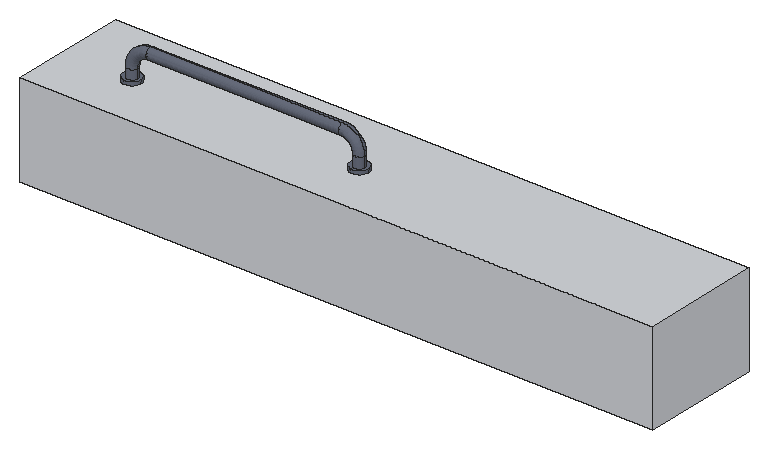
Revit family "ASH_Contour21_Multiproduct_BIM_GB_S6456;S6457;S6458;S6459;S6460;S6461;S6462", category Plumbing Fixtures, host Face, Revit 2014
Parameters (values of type "S6456RN - Contour21 750 x 350mm - Charcoal")
  WaterEfficientProduct = no
  WarrantyStartDate [instance] = "1900-12-31T23:59:59"
  WarrantyGuarantorParts = "Productinfo@thebluebook.co.uk"
  WarrantyGuarantorLabor = "n/a"
  WarrantyDurationUnit = "year"
  WarrantyDurationParts = "5"
  WarrantyDurationLabor = "n/a"
  WarrantyDescription = "Manufacturers Warranty"
  WRAS = yes
  WFU = 0
  VolumeUnits = "Litres"
  Version = "1"
  Uniclass2015Version = "Products v1.1"
  Uniclass2015Reference = "Pr_40_20_76_84"
  Uniclass2015Description = "Support Rails"
  Uniclass2 = "n/a"
  URL = "www.idealspec.co.uk"
  Type Comments = "n/a"
  TagNumber [instance] = "n/a"
  TMV3 = yes
  SustainabilityPerformance = "n/a"
  SpareParts = "www.fastpart-spares.co.uk"
  Space = "Internal"
  Size = "35 x 750 x 100 mm"
  Shape = "Sculptured"
  SerialNumber [instance] = "n/a"
  Revision = "n/a"
  ReplacementCost = "n/a"
  Reference = "n/a"
  ProductInformation = "www.idealspec.co.uk/assets/datasheet/S6456RN"
  Phone = "01543 490 253"
  NominalWidth = 100 mm
  NominalLength = 750 mm
  NominalHeight = 35 mm
  NettWeight = "0.62 Kg"
  Name = "GrabRails_Contour21_S6456RN_ArmitageShanks"
  NBSTypeID = "n/a"
  NBSReference = "45-35-70/360"
  NBSOfficeMasterTag = "n/a"
  NBSNote = "n/a"
  NBSDescription = "Support rails"
  NBSCertification = "n/a"
  ModelReference = Description  # "Contour21 750 x 350mm, charcoal"
  ModelNumber = Model  # "S6456RN"
  Model = "S6456RN"
  Material = "Brass"
  ManufacturerURL = "www.idealspec.co.uk"
  Manufacturer = "Productinfo@thebluebook.co.uk"
  LinearUnits = "millimeters"
  InstallationInstructions = "www.idealspec.co.uk/resources.html"
  InstallationDate [instance] = "1900-12-31T23:59:59"
  IfcExportType = "FAUCET"
  IfcExportAs = "IfcValveType"
  Help = "www.idealspec.co.uk/contact-us.html"
  HWFU = 0
  GrossWeight = "n/a"
  Grade = "n/a"
  FinishMtl = ASH_ArmitageShanks_Brassware_Charcoal_RN_Render
  Finish = "Charcoal"
  Features = "750 x 350mm, charcoal"
  ExpectedLife = "30"
  ECA = no
  DurationUnit = "year"
  DistributedBy = "n/a"
  Description = "Contour21 750 x 350mm, charcoal"
  Default Elevation = 0 mm
  CurrencyUnit = "n/a"
  CreatedOn = "2016-08-04"
  Cost = 0
  Constituents = "n/a"
  ConnectionType = "Plumbing"
  Color = "Charcoal"
  CodePerformance = "n/a"
  Category = "n/a"
  CWFU = 0
  Brand = "Armitage Shanks"
  BarCode = "5017830388449"
  BREEAMApproved = no
  BIMObjectName = "ASH_ArmitageShanks_GrabRails_Contour21_S6456RN"
  Author = "Ideal Standard (UK) Ltd"
  AssetType = "Fixed"
  AssetIdentifier [instance] = "n/a"
  Assembly Code = "C1030200"
  AreaUnits = "millimeters"
  AreaMeasurement = "n/a"
  Accessories = "www.idealspec.co.uk"
  AccessibilityPerformance = "Doc M"
Types (35, lengths in mm): name | Size | ProductInformation | NominalLength | Name | ModelReference | ModelNumber | Model | FinishMtl | Finish | Features | Description | Color | BarCode | BIMObjectName
  S645736 - Contour21 800 x 350mm - Blue | "35 x 800 x 100 mm" | "www.idealspec.co.uk/assets/datasheet/S645736" | 800 | "GrabRails_Contour21_S645736_ArmitageShanks" | "Contour21 800 x 350mm, blue" | "S645736" | "S645736" | ASH_ArmitageShanks_Brassware_Blue_36_Render | "Blue" | "800 x 350mm, blue" | "Contour21 800 x 350mm, blue" | "Blue" | "5017830384915" | "ASH_ArmitageShanks_GrabRails_Contour21_S645736"
  S645839 - Contour21 900 x 350mm - Blue | "35 x 900 x 100 mm" | "www.idealspec.co.uk/assets/datasheet/S645839" | 900 | "GrabRails_Contour21_S645839_ArmitageShanks" | "Contour21 900 x 350mm, blue" | "S645839" | "S645839" | ASH_ArmitageShanks_Brassware_Blue_36_Render | "Blue" | "900 x 350mm, blue" | "Contour21 900 x 350mm, blue" | "Blue" | "0" | "ASH_ArmitageShanks_GrabRails_Contour21_S645839"
  S645936 - Contour21 1000 x 350mm - Blue | "35 x 1000 x 100 mm" | "www.idealspec.co.uk/assets/datasheet/S645936" | 1000 | "GrabRails_Contour21_S645936_ArmitageShanks" | "Contour21 1000 x 350mm, blue" | "S645936" | "S645936" | ASH_ArmitageShanks_Brassware_Blue_36_Render | "Blue" | "1000 x 350mm, blue" | "Contour21 1000 x 350mm, blue" | "Blue" | "5017830384939" | "ASH_ArmitageShanks_GrabRails_Contour21_S645936"
  S646036 - Contour21 1100 x 350mm - Blue | "35 x 1100 x 100 mm" | "www.idealspec.co.uk/assets/datasheet/S646036" | 1100 | "GrabRails_Contour21_S646036_ArmitageShanks" | "Contour21 1100 x 350mm, blue" | "S646036" | "S646036" | ASH_ArmitageShanks_Brassware_Blue_36_Render | "Blue" | "1100 x 350mm, blue" | "Contour21 1100 x 350mm, blue" | "Blue" | "5017830384946" | "ASH_ArmitageShanks_GrabRails_Contour21_S646036"
  S646136 - Contour21 1200 x 350mm - Blue | "35 x 1200 x 100 mm" | "www.idealspec.co.uk/assets/datasheet/S646136" | 1200 | "GrabRails_Contour21_S646136_ArmitageShanks" | "Contour21 1200 x 350mm, blue" | "S646136" | "S646136" | ASH_ArmitageShanks_Brassware_Blue_36_Render | "Blue" | "1200 x 350mm, blue" | "Contour21 1200 x 350mm, blue" | "Blue" | "5017830384953" | "ASH_ArmitageShanks_GrabRails_Contour21_S646136"
  S646236 - Contour21 1750 x 350mm - Blue | "35 x 1750 x 100 mm" | "www.idealspec.co.uk/assets/datasheet/S646236" | 1750 | "GrabRails_Contour21_S646236_ArmitageShanks" | "Contour21 1750 x 350mm, blue" | "S646236" | "S646236" | ASH_ArmitageShanks_Brassware_Blue_36_Render | "Blue" | "1750 x 350mm, blue" | "Contour21 1750 x 350mm, blue" | "Blue" | "5017830384960" | "ASH_ArmitageShanks_GrabRails_Contour21_S646236"
  S6457AC - Contour21 800 x 350mm - White | "35 x 800 x 100 mm" | "www.idealspec.co.uk/assets/datasheet/S6457AC" | 800 | "GrabRails_Contour21_S6457AC_ArmitageShanks" | "Contour21 800 x 350mm, white" | "S6457AC" | "S6457AC" | ASH_ArmitageShanks_Brassware_White_AC_Render | "White" | "800 x 350mm, white" | "Contour21 800 x 350mm, white" | "White" | "5017830383796" | "ASH_ArmitageShanks_GrabRails_Contour21_S6457AC"
  S6457LJ - Contour21 800 x 350mm - Grey | "35 x 800 x 100 mm" | "www.idealspec.co.uk/assets/datasheet/S6457LJ" | 800 | "GrabRails_Contour21_S6457LJ_ArmitageShanks" | "Contour21 800 x 350mm, grey" | "S6457LJ" | "S6457LJ" | ASH_ArmitageShanks_Brassware_Grey_LJ_Render | "Grey" | "800 x 350mm, grey" | "Contour21 800 x 350mm, grey" | "Grey" | "5017830384595" | "ASH_ArmitageShanks_GrabRails_Contour21_S6457LJ"
  S6457MY - Contour21 800 x 350mm - Stainless Steel | "35 x 800 x 100 mm" | "www.idealspec.co.uk/assets/datasheet/S6457MY" | 800 | "GrabRails_Contour21_S6457MY_ArmitageShanks" | "Contour21 800 x 350mm, stainless steel" | "S6457MY" | "S6457MY" | ASH_ArmitageShanks_Brassware_Steel_MY_Render | "Steel" | "800 x 350mm, stainless steel" | "Contour21 800 x 350mm, stainless steel" | "Steel" | "5017830384274" | "ASH_ArmitageShanks_GrabRails_Contour21_S6457MY"
  S6457RN - Contour21 800 x 350mm - Charcoal | "35 x 800 x 100 mm" | "www.idealspec.co.uk/assets/datasheet/S6457RN" | 800 | "GrabRails_Contour21_S6457RN_ArmitageShanks" | "Contour21 800 x 350mm, charcoal" | "S6457RN" | "S6457RN" | ASH_ArmitageShanks_Brassware_Charcoal_RN_Render | "Charcoal" | "800 x 350mm, charcoal" | "Contour21 800 x 350mm, charcoal" | "Charcoal" | "0" | "ASH_ArmitageShanks_GrabRails_Contour21_S6457RN"
  S6459AC - Contour21 1000 x 350mm - White | "35 x 1000 x 100 mm" | "www.idealspec.co.uk/assets/datasheet/S6459AC" | 1000 | "GrabRails_Contour21_S6459AC_ArmitageShanks" | "Contour21 1000 x 350mm, white" | "S6459AC" | "S6459AC" | ASH_ArmitageShanks_Brassware_White_AC_Render | "White" | "1000 x 350mm, white" | "Contour21 1000 x 350mm, white" | "White" | "5017830383819" | "ASH_ArmitageShanks_GrabRails_Contour21_S6459AC"
  S6459LJ - Contour21 1000 x 350mm - Grey | "35 x 1000 x 100 mm" | "www.idealspec.co.uk/assets/datasheet/S6459LJ" | 1000 | "GrabRails_Contour21_S6459LJ_ArmitageShanks" | "Contour21 1000 x 350mm, grey" | "S6459LJ" | "S6459LJ" | ASH_ArmitageShanks_Brassware_Grey_LJ_Render | "Grey" | "1000 x 350mm, grey" | "Contour21 1000 x 350mm, grey" | "Grey" | "5017830384618" | "ASH_ArmitageShanks_GrabRails_Contour21_S6459LJ"
  S6459MY - Contour21 1000 x 350mm - Stainless Steel | "35 x 1000 x 100 mm" | "www.idealspec.co.uk/assets/datasheet/S6459MY" | 1000 | "GrabRails_Contour21_S6459MY_ArmitageShanks" | "Contour21 1000 x 350mm, stainless steel" | "S6459MY" | "S6459MY" | ASH_ArmitageShanks_Brassware_Steel_MY_Render | "Steel" | "1000 x 350mm, stainless steel" | "Contour21 1000 x 350mm, stainless steel" | "Steel" | "5017830384298" | "ASH_ArmitageShanks_GrabRails_Contour21_S6459MY"
  S6459RN - Contour21 1000 x 350mm - Charcoal | "35 x 1000 x 100 mm" | "www.idealspec.co.uk/assets/datasheet/S6459RN" | 1000 | "GrabRails_Contour21_S6459RN_ArmitageShanks" | "Contour21 1000 x 350mm, charcoal" | "S6459RN" | "S6459RN" | ASH_ArmitageShanks_Brassware_Charcoal_RN_Render | "Charcoal" | "1000 x 350mm, charcoal" | "Contour21 1000 x 350mm, charcoal" | "Charcoal" | "5017830388470" | "ASH_ArmitageShanks_GrabRails_Contour21_S6459RN"
  S6460AC - Contour21 1100 x 350mm - White | "35 x 1100 x 100 mm" | "www.idealspec.co.uk/assets/datasheet/S6460AC" | 1100 | "GrabRails_Contour21_S6460AC_ArmitageShanks" | "Contour21 1100 x 350mm, white" | "S6460AC" | "S6460AC" | ASH_ArmitageShanks_Brassware_White_AC_Render | "White" | "1100 x 350mm, white" | "Contour21 1100 x 350mm, white" | "White" | "5017830383826" | "ASH_ArmitageShanks_GrabRails_Contour21_S6460AC"
  S6460LJ - Contour21 1100 x 350mm - Grey | "35 x 1100 x 100 mm" | "www.idealspec.co.uk/assets/datasheet/S6460LJ" | 1100 | "GrabRails_Contour21_S6460LJ_ArmitageShanks" | "Contour21 1100 x 350mm, grey" | "S6460LJ" | "S6460LJ" | ASH_ArmitageShanks_Brassware_Grey_LJ_Render | "Grey" | "1100 x 350mm, grey" | "Contour21 1100 x 350mm, grey" | "Grey" | "5017830384625" | "ASH_ArmitageShanks_GrabRails_Contour21_S6460LJ"
  S6460MY - Contour21 1100 x 350mm - Stainless Steel | "35 x 1100 x 100 mm" | "www.idealspec.co.uk/assets/datasheet/S6460MY" | 1100 | "GrabRails_Contour21_S6460MY_ArmitageShanks" | "Contour21 1100 x 350mm, stainless steel" | "S6460MY" | "S6460MY" | ASH_ArmitageShanks_Brassware_Steel_MY_Render | "Steel" | "1100 x 350mm, stainless steel" | "Contour21 1100 x 350mm, stainless steel" | "Steel" | "5017830384304" | "ASH_ArmitageShanks_GrabRails_Contour21_S6460MY"
  S6460RN - Contour21 1100 x 350mm - Charcoal | "35 x 1100 x 100 mm" | "www.idealspec.co.uk/assets/datasheet/S6460RN" | 1100 | "GrabRails_Contour21_S6460RN_ArmitageShanks" | "Contour21 1100 x 350mm, charcoal" | "S6460RN" | "S6460RN" | ASH_ArmitageShanks_Brassware_Charcoal_RN_Render | "Charcoal" | "1100 x 350mm, charcoal" | "Contour21 1100 x 350mm, charcoal" | "Charcoal" | "5017830388487" | "ASH_ArmitageShanks_GrabRails_Contour21_S6460RN"
  S6461AC - Contour21 1200 x 350mm - White | "35 x 1200 x 100 mm" | "www.idealspec.co.uk/assets/datasheet/S6461AC" | 1200 | "GrabRails_Contour21_S6461AC_ArmitageShanks" | "Contour21 1200 x 350mm, white" | "S6461AC" | "S6461AC" | ASH_ArmitageShanks_Brassware_White_AC_Render | "White" | "1200 x 350mm, white" | "Contour21 1200 x 350mm, white" | "White" | "5017830383833" | "ASH_ArmitageShanks_GrabRails_Contour21_S6461AC"
  S6461LJ - Contour21 1200 x 350mm - Grey | "35 x 1200 x 100 mm" | "www.idealspec.co.uk/assets/datasheet/S6461LJ" | 1200 | "GrabRails_Contour21_S6461LJ_ArmitageShanks" | "Contour21 1200 x 350mm, grey" | "S6461LJ" | "S6461LJ" | ASH_ArmitageShanks_Brassware_Grey_LJ_Render | "Grey" | "1200 x 350mm, grey" | "Contour21 1200 x 350mm, grey" | "Grey" | "5017830384632" | "ASH_ArmitageShanks_GrabRails_Contour21_S6461LJ"
  S6461MY - Contour21 1200 x 350mm - Stainless Steel | "35 x 1200 x 100 mm" | "www.idealspec.co.uk/assets/datasheet/S6461MY" | 1200 | "GrabRails_Contour21_S6461MY_ArmitageShanks" | "Contour21 1200 x 350mm, stainless steel" | "S6461MY" | "S6461MY" | ASH_ArmitageShanks_Brassware_Steel_MY_Render | "Steel" | "1200 x 350mm, stainless steel" | "Contour21 1200 x 350mm, stainless steel" | "Steel" | "5017830384311" | "ASH_ArmitageShanks_GrabRails_Contour21_S6461MY"
  S6461RN - Contour21 1200 x 350mm - Charcoal | "35 x 1200 x 100 mm" | "www.idealspec.co.uk/assets/datasheet/S6461RN" | 1200 | "GrabRails_Contour21_S6461RN_ArmitageShanks" | "Contour21 1200 x 350mm, charcoal" | "S6461RN" | "S6461RN" | ASH_ArmitageShanks_Brassware_Charcoal_RN_Render | "Charcoal" | "1200 x 350mm, charcoal" | "Contour21 1200 x 350mm, charcoal" | "Charcoal" | "5017830388494" | "ASH_ArmitageShanks_GrabRails_Contour21_S6461RN"
  S6458AC - Contour21 900 x 350mm - White | "35 x 900 x 100 mm" | "www.idealspec.co.uk/assets/datasheet/S6458AC" | 900 | "GrabRails_Contour21_S6458AC_ArmitageShanks" | "Contour21 900 x 350mm, white" | "S6458AC" | "S6458AC" | ASH_ArmitageShanks_Brassware_White_AC_Render | "White" | "900 x 350mm, white" | "Contour21 900 x 350mm, white" | "White" | "5017830383802" | "ASH_ArmitageShanks_GrabRails_Contour21_S6458AC"
  S6458LJ - Contour21 900 x 350mm - Grey | "35 x 900 x 100 mm" | "www.idealspec.co.uk/assets/datasheet/S6458LJ" | 900 | "GrabRails_Contour21_S6458LJ_ArmitageShanks" | "Contour21 900 x 350mm, grey" | "S6458LJ" | "S6458LJ" | ASH_ArmitageShanks_Brassware_Grey_LJ_Render | "Grey" | "900 x 350mm, grey" | "Contour21 900 x 350mm, grey" | "Grey" | "5017830384601" | "ASH_ArmitageShanks_GrabRails_Contour21_S6458LJ"
  S6458MY - Contour21 900 x 350mm - Stainless Steel | "35 x 900 x 100 mm" | "www.idealspec.co.uk/assets/datasheet/S6458MY" | 900 | "GrabRails_Contour21_S6458MY_ArmitageShanks" | "Contour21 900 x 350mm, stainless steel" | "S6458MY" | "S6458MY" | ASH_ArmitageShanks_Brassware_Steel_MY_Render | "Steel" | "900 x 350mm, stainless steel" | "Contour21 900 x 350mm, stainless steel" | "Steel" | "5017830384281" | "ASH_ArmitageShanks_GrabRails_Contour21_S6458MY"
  S6458RN - Contour21 900 x 350mm - Charcoal | "35 x 900 x 100 mm" | "www.idealspec.co.uk/assets/datasheet/S6458RN" | 900 | "GrabRails_Contour21_S6458RN_ArmitageShanks" | "Contour21 900 x 350mm, charcoal" | "S6458RN" | "S6458RN" | ASH_ArmitageShanks_Brassware_Charcoal_RN_Render | "Charcoal" | "900 x 350mm, charcoal" | "Contour21 900 x 350mm, charcoal" | "Charcoal" | "5017830388463" | "ASH_ArmitageShanks_GrabRails_Contour21_S6458RN"
  S6462AC - Contour21 1750 x 350mm - White | "35 x 1750 x 100 mm" | "www.idealspec.co.uk/assets/datasheet/S6462AC" | 1750 | "GrabRails_Contour21_S6462AC_ArmitageShanks" | "Contour21 1750 x 350mm, white" | "S6462AC" | "S6462AC" | ASH_ArmitageShanks_Brassware_White_AC_Render | "White" | "1750 x 350mm, white" | "Contour21 1750 x 350mm, white" | "White" | "5017830383840" | "ASH_ArmitageShanks_GrabRails_Contour21_S6462AC"
  S6462LJ - Contour21 1750 x 350mm - Grey | "35 x 1750 x 100 mm" | "www.idealspec.co.uk/assets/datasheet/S6462LJ" | 1750 | "GrabRails_Contour21_S6462LJ_ArmitageShanks" | "Contour21 1750 x 350mm, grey" | "S6462LJ" | "S6462LJ" | ASH_ArmitageShanks_Brassware_Grey_LJ_Render | "Grey" | "1750 x 350mm, grey" | "Contour21 1750 x 350mm, grey" | "Grey" | "5017830384649" | "ASH_ArmitageShanks_GrabRails_Contour21_S6462LJ"
  S6462MY - Contour21 1750 x 350mm - Stainless Steel | "35 x 1750 x 100 mm" | "www.idealspec.co.uk/assets/datasheet/S6462MY" | 1750 | "GrabRails_Contour21_S6462MY_ArmitageShanks" | "Contour21 1750 x 350mm, stainless steel" | "S6462MY" | "S6462MY" | ASH_ArmitageShanks_Brassware_Steel_MY_Render | "Steel" | "1750 x 350mm, stainless steel" | "Contour21 1750 x 350mm, stainless steel" | "Steel" | "5017830384328" | "ASH_ArmitageShanks_GrabRails_Contour21_S6462MY"
  S6462RN - Contour21 1750 x 350mm - Charcoal | "35 x 1750 x 100 mm" | "www.idealspec.co.uk/assets/datasheet/S6462RN" | 1750 | "GrabRails_Contour21_S6462RN_ArmitageShanks" | "Contour21 1750 x 350mm, charcoal" | "S6462RN" | "S6462RN" | ASH_ArmitageShanks_Brassware_Charcoal_RN_Render | "Charcoal" | "1750 x 350mm, charcoal" | "Contour21 1750 x 350mm, charcoal" | "Charcoal" | "5017830388500" | "ASH_ArmitageShanks_GrabRails_Contour21_S6462RN"
  S645636 - Contour21 750 x 350mm - Blue | "35 x 750 x 100 mm" | "www.idealspec.co.uk/assets/datasheet/S645636" | 750 | "GrabRails_Contour21_S645636_ArmitageShanks" | "Contour21 750 x 350mm, blue" | "S645636" | "S645636" | ASH_ArmitageShanks_Brassware_Blue_36_Render | "Blue" | "750 x 350mm, blue" | "Contour21 750 x 350mm, blue" | "Blue" | "5017830384908" | "ASH_ArmitageShanks_GrabRails_Contour21_S645636"
  S6456AC - Contour21 750 x 350mm - White | "35 x 750 x 100 mm" | "www.idealspec.co.uk/assets/datasheet/S6456AC" | 750 | "GrabRails_Contour21_S6456AC_ArmitageShanks" | "Contour21 750 x 350mm, white" | "S6456AC" | "S6456AC" | ASH_ArmitageShanks_Brassware_White_AC_Render | "White" | "750 x 350mm, white" | "Contour21 750 x 350mm, white" | "White" | "5017830384175" | "ASH_ArmitageShanks_GrabRails_Contour21_S6456AC"
  S6456LJ - Contour21 750 x 350mm - Grey | "35 x 750 x 100 mm" | "www.idealspec.co.uk/assets/datasheet/S6456LJ" | 750 | "GrabRails_Contour21_S6456LJ_ArmitageShanks" | "Contour21 750 x 350mm, grey" | "S6456LJ" | "S6456LJ" | ASH_ArmitageShanks_Brassware_Grey_LJ_Render | "Grey" | "750 x 350mm, grey" | "Contour21 750 x 350mm, grey" | "Grey" | "5017830384588" | "ASH_ArmitageShanks_GrabRails_Contour21_S6456LJ"
  S6456MY - Contour21 750 x 350mm - Stainless Steel | "35 x 750 x 100 mm" | "www.idealspec.co.uk/assets/datasheet/S6456MY" | 750 | "GrabRails_Contour21_S6456MY_ArmitageShanks" | "Contour21 750 x 350mm, stainless steel" | "S6456MY" | "S6456MY" | ASH_ArmitageShanks_Brassware_Steel_MY_Render | "Steel" | "750 x 350mm, stainless steel" | "Contour21 750 x 350mm, stainless steel" | "Steel" | "5017830384267" | "ASH_ArmitageShanks_GrabRails_Contour21_S6456MY"
  S6456RN - Contour21 750 x 350mm - Charcoal | "35 x 750 x 100 mm" | "www.idealspec.co.uk/assets/datasheet/S6456RN" | 750 | "GrabRails_Contour21_S6456RN_ArmitageShanks" | "Contour21 750 x 350mm, charcoal" | "S6456RN" | "S6456RN" | ASH_ArmitageShanks_Brassware_Charcoal_RN_Render | "Charcoal" | "750 x 350mm, charcoal" | "Contour21 750 x 350mm, charcoal" | "Charcoal" | "5017830388449" | "ASH_ArmitageShanks_GrabRails_Contour21_S6456RN"
Reference planes
  plane 1 "Center (Front/Back)": y = 0
  plane 2: z = 0
  plane 3 "Center (Left/Right)": x = 0
  plane 4: y = -35
  plane 5: x = 60
  plane 6: y = -17.5
  plane 7: z = 100
  plane 8: z = 65
  plane 9: x = 810
  plane 10: z = 100
  plane 11: z = 10
  plane 12: x = 780
  plane 13: x = 30
  plane 14: x = 750
Forms (mm)
  Extrusion 1, solid
    sketch origin (-2.122, -192.856, 0) x (1, 0, 0) y (0, 1, 0)
      loop
        line (-197.878, 392.856) -> (-197.878, 0.823) -> (1891.675, 0.823) -> (1891.675, 392.856) -> (-197.878, 392.856)
    from 0 to -304.8
  Extrusion 2, solid, material "ASH_ArmitageShanks_Brassware_Charcoal_RN_Render" <- "FinishMtl"
    sketch origin (7.498, -192.856, 0) x (1, 0, 0) y (0, 1, 0)
      loop
        circle (22.377, 174.706) r 30
      loop
        circle (772.521, 175.356) r 30
    from 0 to 10
  Sweep 3, solid, material "ASH_ArmitageShanks_Brassware_Charcoal_RN_Render" <- "FinishMtl"
    path origin (-44.044, -17.5, 1219.2) x (-1, 0, 0) y (0, 0, 1)
      loop
        line (-74.044, -1209.2) -> (-74.044, -1179.2)
        arc (-74.044, -1179.2) -> (-91.617, -1136.774) -> (-134.044, -1119.2) r 60
        line (-134.044, -1119.2) -> (-769.044, -1119.2)
        arc (-769.044, -1119.2) -> (-807.935, -1135.309) -> (-824.044, -1174.2) r 55
        line (-824.044, -1174.2) -> (-824.044, -1209.2)
    profile origin (30, -17.5, 25) x (1, 0, 0) y (0, 1, 0)
      loop
        circle (0, 0) r 17.5
Dimensions and locks
  locked: plane 1 "Center (Front/Back)" to plane 4 at 35
  "NominalWidth": plane 10 to Extrusion 1
  plane 3 "Center (Left/Right)" to plane 5 = 60 mm
  locked: plane 14 to plane 9 at 60
  equal spacing: plane 14, plane 12, plane 9
  equal spacing: plane 3 "Center (Left/Right)", plane 13, plane 5
  "NominalLength": plane 12 to plane 13
  aligned and locked: Extrusion 1 to plane 2
  aligned and locked: level to Extrusion 1
  aligned and locked: plane 11 to Extrusion 2
  aligned and locked: Extrusion 2 to level
  aligned and locked: Sweep 3 sketch curve to plane 12
  aligned and locked: Sweep 3 sketch curve to plane 13
  aligned and locked: plane 7 to Sweep 3 sketch curve
Automatic sketch dimensions
  Extrusion 1 sketch curve to Extrusion 1 sketch curve = 2089.553 mm
  Extrusion 1 sketch curve to Extrusion 1 sketch curve = 392.033 mm
  Extrusion 2 sketch curve to plane 6 = 0 mm
  Extrusion 2 sketch curve to plane 13 = 0.125 mm
  Extrusion 2 sketch curve to plane 12 = 0.019 mm
  Extrusion 2 sketch curve to plane 6 = 0.65 mm
  Sweep 3 sketch curve to plane 11 = 0 mm  (x2)
  plane 14 to Sweep 3 sketch curve = 25 mm
  Sweep 3 sketch curve to plane 8 = 25 mm
  Sweep 3 sketch curve to plane 6 = 0 mm
  Sweep 3 sketch curve to profile plane = 0 mm
  radius of Extrusion 2 sketch curve = 30 mm  (x2)
  radius of Sweep 3 sketch curve = 17.5 mm
